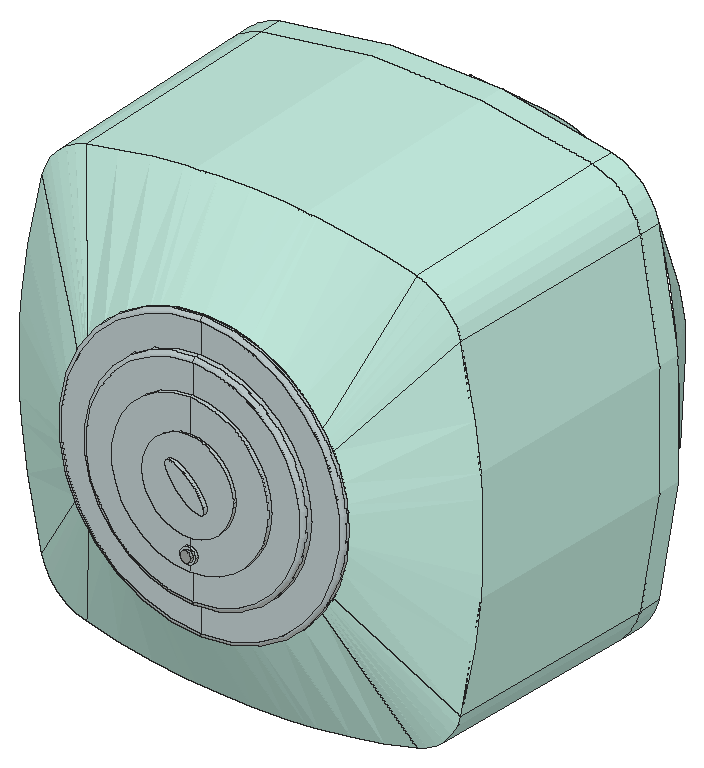
Revit family
Parameters (values of type "360 X 375 X 329")
  Wattage = 1500 W
  Hot Water Pipe Radius = Hot Water Pipe Diameter / 2  # 6.35 mm
  Hot Water Pipe Diameter = 12.7 mm
  Length D = 97 mm
  Heating Time (min) = "40"
  Heater Width = 360 mm
  Width = 375 mm
  URL = "http://www.autospec.co.za/browse.php?id=1660957480"
  Product Code = "FPRX-15-OB"
  OmniClass Title = ""
  OmniClass Number = ""
  Modspec Classification = ""
  Specification = ""
  Material = Galvanised Steel
  Weight (Kg) = "9.3"
  Location (revit room) = ""
  Model = "Prisma Storage Water Heater FPRX 15 OB"
  Manufacturer = "Kwikot"  # constant formula
  Length = 360 mm
  Electrical Supply = 230 V
  Depth = 329 mm
  Colour = none
  Cold Water Pipe Radius = Cold Water Pipe Diameter / 2  # 6.35 mm
  Cold Water Pipe Diameter = 12.7 mm
  Capacity (Litres) = 15.00 L
  Body Material = Green
  Body Finish = none
  Assembly Code = "D3010500"
Reference planes
  plane 1 "Center (Front/Back)": y = 0
  plane 2 "Bottom": z = 0
  plane 3 "Center (Left/Right)": x = 0
  plane 4: z = 180
  plane 5: z = -180
  plane 6: z = -195
  plane 7: x = -180
  plane 8: x = 180
  plane 9: y = 329
  plane 10: y = 240.5
  plane 11: y = 232
  plane 12: y = 249.5
  plane 13: y = 20
  plane 14: y = 63.5
Forms (mm)
  Extrusion 1, solid, material "Red"
    sketch origin (-583.163, -1524, -180) x (-1, 0, 0) y (0, -1, 0)
      loop
        circle (-533.163, -1764.5) r 6.35
    from 4.425 to -15
  Extrusion 2, solid, material "Green" <- "Body Material"
    sketch origin (587.769, 232, 1200) x (1, 0, 0) y (0, 0, 1)
      loop
        arc (-714.525, -1033.515) -> (-737.869, -1046.327) -> (-751.326, -1069.306) r 50
        arc (-751.326, -1069.306) -> (-768.427, -1200) -> (-751.326, -1330.694) r 507.955
        arc (-751.326, -1330.694) -> (-737.869, -1353.673) -> (-714.525, -1366.485) r 50
        arc (-714.525, -1366.485) -> (-587.434, -1380.958) -> (-460.514, -1365.056) r 538.622
        arc (-460.514, -1365.056) -> (-437.464, -1352.128) -> (-424.223, -1329.256) r 50
        arc (-424.223, -1329.256) -> (-407.503, -1200) -> (-424.223, -1070.744) r 507.955
        arc (-424.223, -1070.744) -> (-437.464, -1047.872) -> (-460.514, -1034.944) r 50
        arc (-460.514, -1034.944) -> (-587.434, -1019.042) -> (-714.525, -1033.515) r 538.622
    from 0 to -17.5
  Revolve 3, solid, material "Gray"
    sketch origin (0, 0, 0) x (0, 1, 0) y (0, 0, 1)
      loop
        line (15, 0) -> (15, 85) -> (11, 85)
        arc (11, 85) -> (8.879, 84.121) -> (8, 82) r 3
        line (8, 82) -> (8, 60) -> (5, 60) -> (5, 0) -> (15, 0)
      axis (15, 0) -> (5, 0)
    angle from 0 to 360
  Extrusion 4, solid, material "Blue"
    sketch origin (-583.163, -1524, -180) x (-1, 0, 0) y (0, -1, 0)
      loop
        circle (-633.163, -1764.5) r 6.35
    from 4.425 to -15
  Blend 5, solid, material "Green" <- "Body Material"
    base sketch origin (0, 249.5, 528.983) x (0, 0, 1) y (-1, 0, 0)
      loop
        arc (-399.727, -163.546) -> (-376.855, -150.306) -> (-363.928, -127.255) r 50
        arc (-363.928, -127.255) -> (-348.025, -0.335) -> (-362.498, 126.756) r 538.622
        arc (-362.498, 126.756) -> (-375.311, 150.1) -> (-398.289, 163.556) r 50
        arc (-398.289, 163.556) -> (-528.983, 180.657) -> (-659.677, 163.556) r 507.955
        arc (-659.677, 163.556) -> (-682.656, 150.1) -> (-695.468, 126.756) r 50
        arc (-695.468, 126.756) -> (-709.942, -0.335) -> (-694.039, -127.255) r 538.622
        arc (-694.039, -127.255) -> (-681.111, -150.306) -> (-658.239, -163.546) r 50
        arc (-658.239, -163.546) -> (-528.983, -180.267) -> (-399.727, -163.546) r 507.955
    top sketch origin (0, 249.5, 528.983) x (0, 0, 1) y (-1, 0, 0)
      loop
        arc (-434.003, -73.34) -> (-408.983, 0) -> (-434.003, 73.34) r 120
        arc (-434.003, 73.34) -> (-443.678, 84.398) -> (-454.631, 94.19) r 120
        arc (-454.631, 94.19) -> (-528.983, 120) -> (-603.336, 94.19) r 120
        arc (-603.336, 94.19) -> (-614.289, 84.398) -> (-623.963, 73.34) r 120
        arc (-623.963, 73.34) -> (-648.983, 0) -> (-623.963, -73.34) r 120
        arc (-623.963, -73.34) -> (-614.289, -84.398) -> (-603.336, -94.19) r 120
        arc (-603.336, -94.19) -> (-528.983, -120) -> (-454.631, -94.19) r 120
        arc (-454.631, -94.19) -> (-443.678, -84.398) -> (-434.003, -73.34) r 120
    from 0 to -79.5
  Blend 6, solid, material "Green" <- "Body Material"
    base sketch origin (587.769, 232, 1200) x (1, 0, 0) y (0, 0, 1)
      loop
        arc (-714.525, -1033.515) -> (-737.869, -1046.327) -> (-751.326, -1069.306) r 50
        arc (-751.326, -1069.306) -> (-768.427, -1200) -> (-751.326, -1330.694) r 507.955
        arc (-751.326, -1330.694) -> (-737.869, -1353.673) -> (-714.525, -1366.485) r 50
        arc (-714.525, -1366.485) -> (-587.434, -1380.958) -> (-460.514, -1365.056) r 538.622
        arc (-460.514, -1365.056) -> (-437.464, -1352.128) -> (-424.223, -1329.256) r 50
        arc (-424.223, -1329.256) -> (-407.503, -1200) -> (-424.223, -1070.744) r 507.955
        arc (-424.223, -1070.744) -> (-437.464, -1047.872) -> (-460.514, -1034.944) r 50
        arc (-460.514, -1034.944) -> (-587.434, -1019.042) -> (-714.525, -1033.515) r 538.622
    top sketch origin (587.769, 232, 1200) x (1, 0, 0) y (0, 0, 1)
      loop
        arc (-713.639, -1036.435) -> (-735.582, -1048.478) -> (-748.231, -1070.078) r 47
        arc (-748.231, -1070.078) -> (-765.232, -1200) -> (-748.231, -1329.922) r 504.955
        arc (-748.231, -1329.922) -> (-735.582, -1351.522) -> (-713.639, -1363.565) r 47
        arc (-713.639, -1363.565) -> (-587.256, -1377.958) -> (-461.043, -1362.144) r 535.622
        arc (-461.043, -1362.144) -> (-439.375, -1349.992) -> (-426.929, -1328.493) r 47
        arc (-426.929, -1328.493) -> (-410.307, -1200) -> (-426.929, -1071.507) r 504.955
        arc (-426.929, -1071.507) -> (-439.375, -1050.008) -> (-461.043, -1037.856) r 47
        arc (-461.043, -1037.856) -> (-587.256, -1022.042) -> (-713.639, -1036.435) r 535.622
    from 0 to 168.5
  Blend 7, solid, material "Green" <- "Body Material"
    base sketch origin (0, 63.5, 1442.37) x (0, 0, 1) y (-1, 0, 0)
      loop
        arc (-1278.805, 125.87) -> (-1290.848, 147.813) -> (-1312.448, 160.462) r 47
        arc (-1312.448, 160.462) -> (-1442.37, 177.462) -> (-1572.292, 160.462) r 504.955
        arc (-1572.292, 160.462) -> (-1593.892, 147.813) -> (-1605.936, 125.87) r 47
        arc (-1605.936, 125.87) -> (-1620.329, -0.514) -> (-1604.515, -126.727) r 535.622
        arc (-1604.515, -126.727) -> (-1592.363, -148.394) -> (-1570.863, -160.84) r 47
        arc (-1570.863, -160.84) -> (-1442.37, -177.462) -> (-1313.878, -160.84) r 504.955
        arc (-1313.878, -160.84) -> (-1292.378, -148.394) -> (-1280.226, -126.727) r 47
        arc (-1280.226, -126.727) -> (-1264.412, -0.514) -> (-1278.805, 125.87) r 535.622
    top sketch origin (0, 63.5, 1442.37) x (0, 0, 1) y (-1, 0, 0)
      loop
        arc (-1378.97, 89.891) -> (-1385.362, 94.075) -> (-1392.029, 97.805) r 110
        arc (-1392.029, 97.805) -> (-1442.37, 110) -> (-1492.712, 97.805) r 110
        arc (-1492.712, 97.805) -> (-1499.379, 94.075) -> (-1505.771, 89.891) r 110
        arc (-1505.771, 89.891) -> (-1552.37, 0) -> (-1505.771, -89.891) r 110
        arc (-1505.771, -89.891) -> (-1499.379, -94.075) -> (-1492.712, -97.805) r 110
        arc (-1492.712, -97.805) -> (-1442.37, -110) -> (-1392.029, -97.805) r 110
        arc (-1392.029, -97.805) -> (-1385.362, -94.075) -> (-1378.97, -89.891) r 110
        arc (-1378.97, -89.891) -> (-1332.37, 0) -> (-1378.97, 89.891) r 110
    from 0 to 43.5
  Revolve 8, solid, material "Gray"
    sketch origin (0, 0, 0) x (0, 1, 0) y (0, 0, 1)
      loop
        line (20, 110) -> (18, 110)
        arc (18, 110) -> (15.879, 109.121) -> (15, 107) r 3
        line (15, 107) -> (15, 0) -> (20, 0) -> (20, 110)
      axis (20, 0) -> (15, 0)
    angle from 0 to 360
  Extrusion 9, solid, material "Gray"
    sketch origin (0, 0, 0) x (1, 0, 0) y (0, 0, 1)
      loop
        circle (0, 0) r 35
    from -3 to -5
  Extrusion 10, solid, material "Gray"
    sketch origin (0, 0, 0) x (1, 0, 0) y (0, 0, 1)
      loop
        spline (13.929, -14.23) -> (14.728, -12.467) -> (14.509, -9.861) -> (13.287, -6.588) -> (11.144, -2.873) -> (8.228, 1.033) -> (4.737, 4.861) -> (0.908, 8.353) -> (-2.998, 11.269) -> (-6.713, 13.412) -> (-9.986, 14.634) -> (-12.592, 14.853) -> (-14.355, 14.054)
        spline (-14.355, 14.054) -> (-15.155, 12.291) -> (-14.936, 9.684) -> (-13.713, 6.412) -> (-11.571, 2.696) -> (-8.655, -1.209) -> (-5.163, -5.038) -> (-1.334, -8.53) -> (2.571, -11.446) -> (6.287, -13.588) -> (9.559, -14.811) -> (12.166, -15.03) -> (13.929, -14.23)
    from 0 to -3
  Extrusion 11, solid, material "Yellow"
    sketch origin (0, 0, 0) x (1, 0, 0) y (0, 0, 1)
      loop
        circle (0, -48) r 4
    from -1 to -3
  Extrusion 12, solid
    sketch origin (-180, -1524, -438.75) x (0, 0, -1) y (0, -1, 0)
      loop
        circle (-438.75, -1679.986) r 20
    from 0 to 3
  Extrusion 13, solid, material "Gray"
    sketch origin (0, 0, 0) x (1, 0, 0) y (0, 0, 1)
      loop
        circle (0, -48) r 6
    from -3 to -5
Cuts and joins
  joined: Extrusion 2, Blend 5, Blend 6, Blend 7
Lines and regions (mm)
  symbolic lines
    curve 1: line (-180.657, 249.5, -180) -> (180.267, 249.5, -180)
    curve 2: line (-180, 232, -180) -> (180, 232, -180)
    curve 3: line (-177, 63.501, -180) -> (177, 63.501, -180)
    curve 4: line (120, 329, 180) -> (-120, 329, 180)
    curve 5: line (-120, 329, 180) -> (-180.657, 249.5, 180)
    curve 6: line (120, 329, 180) -> (180.267, 249.5, 180)
    curve 7: line (-180.657, 232, 180) -> (-177, 63.501, 180)
    curve 8: line (180.267, 232, 180) -> (177.462, 63.5, 180)
    curve 9: line (-180.657, 249.5, 180) -> (-180.657, 232, 180)
    curve 10: line (180.267, 249.5, 180) -> (180.267, 232, 180)
    curve 11: arc (-56.35, 240.5, 180) -> (-50, 234.15, 180) -> (-43.65, 240.5, 180) r 6.35
    curve 12: arc (-43.65, 240.5, 180) -> (-50, 246.85, 180) -> (-56.35, 240.5, 180) r 6.35
    curve 13: arc (43.65, 240.5, 180) -> (50, 234.15, 180) -> (56.35, 240.5, 180) r 6.35
    curve 14: arc (56.35, 240.5, 180) -> (50, 246.85, 180) -> (43.65, 240.5, 180) r 6.35
    curve 15: line (-177, 63.501, 180) -> (-110, 20, 180)
    curve 16: line (-110, 20, 180) -> (110, 20, 180)
    curve 17: line (110, 20, 180) -> (177.462, 63.5, 180)
    curve 18: line (-110, 20, 180) -> (-110, 18, 180)
    curve 19: line (-107, 15, 180) -> (107, 15, 180)
    curve 20: line (110, 18, 180) -> (110, 20, 180)
    curve 21: line (-85, 15, 180) -> (-85, 10.983, 180)
    curve 22: line (-82, 7.983, 180) -> (82, 7.983, 180)
    curve 23: line (85, 10.983, 180) -> (85, 15, 180)
    curve 24: line (-60, 7.983, 180) -> (-60, 4.994, 180)
    curve 25: line (-60, 4.994, 180) -> (60, 4.994, 180)
    curve 26: line (60, 4.994, 180) -> (60, 7.983, 180)
    curve 27: line (-35, 4.994, 180) -> (-35, 3, 180)
    curve 28: line (-35, 3, 180) -> (35, 3, 180)
    curve 29: line (35, 3, 180) -> (35, 4.994, 180)
    curve 30: line (-15.195, 3, 180) -> (-15.195, 0, 180)
    curve 31: line (-15.195, 0, 180) -> (14.771, 0, 180)
    curve 32: line (14.771, 0, 180) -> (14.771, 3, 180)
    curve 33: arc (-107, 15, 180) -> (-109.121, 15.879, 180) -> (-110, 18, 180) r 3
    curve 34: arc (-82, 7.983, 180) -> (-84.121, 8.862, 180) -> (-85, 10.983, 180) r 3
    curve 35: arc (82, 7.983, 180) -> (84.121, 8.862, 180) -> (85, 10.983, 180) r 3
    curve 36: arc (107, 15, 180) -> (109.121, 15.879, 180) -> (110, 18, 180) r 3
  symbolic lines, detail levels fine
    curve 37: line (-4, 1, 180) -> (4, 1, 180)
    curve 38: line (4, 1, 180) -> (4, 3, 180)
    curve 39: line (-4, 1, 180) -> (-4, 3, 180)
    curve 40: line (-6.019, 3, 180) -> (-6.019, 4.994, 180)
    curve 41: line (5.983, 3, 180) -> (5.983, 4.994, 180)
Dimensions and locks
  "Heater Width": plane 4 to plane 5
  "Length": plane 7 to plane 8
  equal spacing: plane 7, plane 3 "Center (Left/Right)", plane 8
  equal spacing: plane 4, level, plane 5
  "Depth": plane 9 to plane 1 "Center (Front/Back)"
  Extrusion 1 sketch curve to plane 3 "Center (Left/Right)" = 50 mm
  "Length D": plane 9 to plane 11
  plane 10 to plane 9 = 88.5 mm
  plane 3 "Center (Left/Right)" to Extrusion 4 sketch curve = 50 mm
  "Width": plane 4 to plane 6
  Extrusion 4 sketch curve to plane 9 = 88.5 mm
  Revolve 8 sketch curve to level = 110 mm
  Revolve 3 sketch curve to level = 85 mm
  Revolve 3 sketch curve to level = 60 mm
  level to Extrusion 11 sketch curve = 48 mm
  level to Extrusion 13 sketch curve = 48 mm
  "Hot Water Pipe Radius": radius of Extrusion 1 sketch curve
  "Cold Water Pipe Radius": radius of Extrusion 4 sketch curve
  aligned and locked: plane 2 "Bottom" to level
  aligned and locked: plane 10 to Extrusion 1 sketch curve
  aligned: Extrusion 1 to plane 6
  aligned and locked: plane 2 "Bottom" to Revolve 3 sketch curve
  aligned and locked: Extrusion 4 to plane 6
  aligned and locked: Extrusion 4 to Extrusion 1
  aligned and locked: Extrusion 1 to Extrusion 4
  aligned and locked: Extrusion 1 to plane 6
  aligned and locked: Blend 5 sketch curve to Extrusion 2  (x8)
  aligned and locked: Blend 5 to plane 9
  aligned and locked: Blend 6 sketch curve to Extrusion 2  (x8)
  aligned and locked: plane 14 to Blend 6
  aligned and locked: Blend 7 sketch curve to cut or joined group of Extrusion 2, Blend 5, Blend 6, Blend 7  (x8)
  aligned and locked: plane 13 to Blend 7
  aligned and locked: curve 4 to cut or joined group of Extrusion 2, Blend 5, Blend 6, Blend 7
  aligned and locked: curve 9 to curve 1
  aligned and locked: curve 10 to curve 1
  aligned and locked: curve 11 to Extrusion 1
  aligned and locked: curve 12 to Extrusion 1
  aligned and locked: curve 13 to Extrusion 4
  aligned and locked: curve 14 to Extrusion 4
  aligned and locked: plane 2 "Bottom" to Revolve 8 sketch curve
  aligned and locked: Extrusion 9 to Revolve 3
  aligned and locked: Extrusion 10 to Extrusion 9
  aligned and locked: Extrusion 9 to curve 28
Automatic sketch dimensions
  Revolve 3 sketch curve to level = 0 mm
  plane 1 "Center (Front/Back)" to Revolve 3 sketch curve = 7.054 mm
  Revolve 3 sketch curve to plane 1 "Center (Front/Back)" = 5 mm
  Revolve 3 sketch curve to Revolve 3 sketch curve = 3 mm  (x2)
  Revolve 3 sketch curve to Revolve 3 sketch curve = 4 mm
  Revolve 3 sketch curve to plane 13 = 17.946 mm
  Extrusion 2 sketch curve to level = 0 mm  (x2)
  plane 7 to Extrusion 2 sketch curve = 147.688 mm
  Extrusion 2 sketch curve to Extrusion 2 sketch curve = 0 mm  (x8)
  Extrusion 2 sketch curve to plane 3 "Center (Left/Right)" = 2.695 mm  (x2)
  Extrusion 2 sketch curve to plane 4 = 14.944 mm
  Extrusion 2 sketch curve to Extrusion 2 sketch curve = 12.063 mm  (x2)
  plane 5 to Extrusion 2 sketch curve = 14.944 mm
  Extrusion 2 sketch curve to Extrusion 2 sketch curve = 48.354 mm
  level to Extrusion 2 sketch curve = 116.533 mm
  Extrusion 2 sketch curve to Extrusion 2 sketch curve = 36.8 mm  (x2)
  Extrusion 2 sketch curve to level = 130.694 mm
  Extrusion 2 sketch curve to plane 7 = 16.444 mm
  Extrusion 2 sketch curve to plane 3 "Center (Left/Right)" = 163.556 mm
  Blend 5 sketch curve to Blend 5 sketch curve = 0 mm  (x13)
  Blend 5 sketch curve to level = 0 mm
  Blend 5 sketch curve to plane 3 "Center (Left/Right)" = 0 mm
  plane 8 to Blend 5 sketch curve = 85.81 mm
  Blend 5 sketch curve to Blend 5 sketch curve = 20.627 mm  (x4)
  level to Blend 5 sketch curve = 74.352 mm  (x2)
  Blend 5 sketch curve to level = 74.352 mm  (x2)
  Blend 6 sketch curve to level = 0 mm  (x2)
  plane 7 to Blend 6 sketch curve = 147.493 mm
  Blend 6 sketch curve to plane 7 = 19.538 mm  (x2)
  Blend 6 sketch curve to Blend 6 sketch curve = 0 mm  (x5)
  plane 5 to Blend 6 sketch curve = 16.435 mm
  Blend 6 sketch curve to Blend 6 sketch curve = 34.592 mm  (x2)
  Blend 6 sketch curve to plane 4 = 16.435 mm
  Blend 6 sketch curve to Blend 6 sketch curve = 45.418 mm
  Blend 6 sketch curve to plane 3 "Center (Left/Right)" = 2.5 mm  (x2)
  plane 8 to Blend 6 sketch curve = 64.613 mm  (x2)
  Blend 6 sketch curve to plane 4 = 17.856 mm
  Blend 6 sketch curve to Blend 6 sketch curve = 11.339 mm  (x2)
  plane 8 to Blend 6 sketch curve = 19.16 mm
  Blend 6 sketch curve to Blend 6 sketch curve = 45.453 mm
  plane 12 to curve 1 = 0 mm
  curve 2 to plane 8 = 0 mm
  curve 2 to plane 7 = 0 mm
  plane 11 to curve 2 = 0 mm
  curve 1 to plane 8 = 0.267 mm
  curve 3 to plane 14 = 0.001 mm
  plane 8 to curve 3 = 3 mm
  curve 3 to plane 7 = 3 mm
  plane 7 to curve 1 = 0.657 mm
  Revolve 8 sketch curve to level = 0 mm
  Revolve 8 sketch curve to plane 13 = 0 mm
  plane 13 to Revolve 8 sketch curve = 2 mm
  plane 13 to Revolve 8 sketch curve = 5 mm
  plane 1 "Center (Front/Back)" to Revolve 8 sketch curve = 19.357 mm
  Revolve 8 sketch curve to plane 14 = 4.339 mm
  Extrusion 9 sketch curve to level = 0 mm
  Extrusion 9 sketch curve to plane 3 "Center (Left/Right)" = 0 mm
  Extrusion 11 sketch curve to plane 3 "Center (Left/Right)" = 0 mm
  Extrusion 11 sketch curve to plane 3 "Center (Left/Right)" = 4 mm
  Extrusion 12 sketch curve to level = 0 mm
  plane 11 to Extrusion 12 sketch curve = 76.014 mm
  Blend 7 sketch curve to Blend 7 sketch curve = 13.059 mm  (x4)
  Blend 7 sketch curve to Blend 7 sketch curve = 7.914 mm
  Blend 7 sketch curve to Blend 7 sketch curve = 0 mm  (x56)
  Blend 7 sketch curve to level = 0 mm
  Blend 7 sketch curve to plane 3 "Center (Left/Right)" = 0 mm
  Blend 7 sketch curve to level = 50.342 mm  (x2)
  level to Blend 7 sketch curve = 50.342 mm  (x2)
  Extrusion 10 sketch curve to level = 0.088 mm
  Extrusion 10 sketch curve to plane 3 "Center (Left/Right)" = 0.213 mm
  plane 3 "Center (Left/Right)" to Extrusion 10 sketch curve = 13.929 mm
  Extrusion 13 sketch curve to plane 3 "Center (Left/Right)" = 0 mm
  plane 14 to curve 17 = 0 mm
  plane 9 to curve 4 = 0 mm
  plane 13 to curve 17 = 0 mm
  plane 1 "Center (Front/Back)" to curve 31 = 0 mm
  plane 12 to curve 5 = 0 mm
  plane 12 to curve 6 = 0 mm
  plane 11 to curve 10 = 0 mm
  plane 11 to curve 7 = 0 mm
  plane 8 to curve 17 = 2.538 mm
  plane 8 to curve 4 = 60 mm
  plane 8 to curve 17 = 70 mm
  curve 20 to curve 36 = 3 mm
  curve 36 to curve 35 = 22 mm
  curve 23 to curve 35 = 3 mm
  curve 22 to curve 25 = 22 mm
  curve 25 to curve 29 = 25 mm
  plane 3 "Center (Left/Right)" to curve 31 = 14.771 mm
  plane 3 "Center (Left/Right)" to curve 41 = 5.983 mm
  curve 37 to plane 1 "Center (Front/Back)" = 1 mm
  curve 41 to curve 37 = 1.983 mm
  curve 39 to plane 3 "Center (Left/Right)" = 4 mm
  curve 39 to curve 40 = 2.019 mm
  curve 40 to curve 31 = 9.176 mm
  curve 30 to curve 27 = 19.805 mm
  curve 24 to plane 1 "Center (Front/Back)" = 7.983 mm
  curve 27 to curve 24 = 25 mm
  plane 13 to curve 34 = 9.017 mm
  curve 24 to curve 34 = 22 mm
  plane 13 to curve 33 = 2 mm
  curve 21 to curve 33 = 22 mm
  curve 33 to curve 16 = 3 mm
  curve 5 to plane 7 = 60 mm
  curve 15 to plane 14 = 0.001 mm
  curve 15 to plane 7 = 3 mm
  curve 41 to curve 38 = 1.994 mm
  radius of Extrusion 9 sketch curve = 35 mm
  radius of Extrusion 12 sketch curve = 20 mm
  radius of Extrusion 13 sketch curve = 6 mm
Connectors
  piping at (-50, 240.5, -195), driven by "Hot Water Pipe Radius"
    settings: on Extrusion 1, index 1, connector radius 6.35 mm, flow factor 0, pipe flow 0.0 L/s, pressure drop 0 kPa, fitting loss kfactor 0, connector angle 0.00°, fixture units 0, flow configuration 0, flow direction 2, fitting loss method 0, system type 19, connector reference index -1, connector utility 0, adjustable connector no, is connector primary no, fitting loss table "", connector description "Outlet Pipe Connector"
  piping at (50, 240.5, -195), driven by "Cold Water Pipe Radius"
    settings: on Extrusion 4, index 2, connector radius 6.35 mm, flow factor 0, pipe flow 0.0 L/s, pressure drop 0 kPa, fitting loss kfactor 0, connector angle 0.00°, fixture units 0, flow configuration 0, flow direction 1, fitting loss method 0, system type 20, connector reference index -1, connector utility 0, adjustable connector no, is connector primary yes, fitting loss table "", connector description "Inlet Pipe Connector"
  electrical at (-183, 155.986, 0), driven by "Electrical Supply", driven by "Wattage"
    settings: on Extrusion 12, index 3, voltage 230 V, apparent load 0 kW, apparent load phase1 1.5 kW, apparent load phase2 0 kW, apparent load phase3 0 kW, power factor 1, load classification "Other", number of poles 1, system type 31, power factor state 1, is connector primary yes, connector utility no, sub classification motor no, connector description "Electrical Connector"
